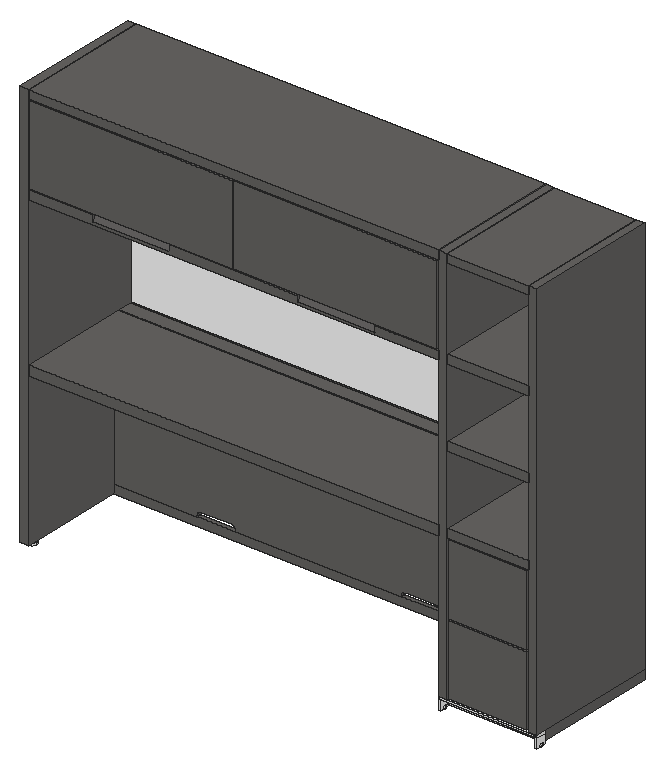
Revit family "Storage-Wall-Teknion-ZXRO_74_High_Without_Lights-R2011", category Furniture Systems, Revit 2013
Parameters (values of type "(See Type Catalog)")
  Working Wall Finish [instance] = Glass - Teknion - K6 - White Backpainted
  Width = 92.642"
  Warranty = "http://www.teknionstudio.com/pdfs/Teknion%20Studio%20Warranty.pdf"
  Wall Unit Finish [instance] = Veneer - Teknion - P7 - Grey Oak
  Unit Weight = 685.00 lbf
  URL = "www.teknionstudio.com"
  Storage Tower = Storage-Unit-Teknion-Tower : Upper Shelves & File/File Pedestal
  Series = "B&B Italia"
  Product Page URL = "http://www.teknionstudio.com/acexecutive/"
  Product Line = "AC Executive"
  Product Documentation Link = "http://www.teknionstudio.com/pricing/ac_executive_storage_walls_ppg.pdf"
  Part Number = "ZXRO"
  Model = ""
  Manufacturer Phone = "919-464-2920"
  Manufacturer Fax = "919-464-2927"
  Manufacturer Email = "customersupport@teknionstudio.com"
  Manufacturer Address = "3940 US 70 Business HWY West, Clayton, NC 27520"
  Manufacturer = "Teknion Studio"  # constant formula
  Low Emitting Material = yes
  Low Emitting Finish = yes
  Height = 73.81394"
  Description = ""
  Depth = 24"
  Assembly Code = "E2020200"
Reference planes (in)
  plane 1 "Center F/B": y = 0
  plane 2: z = 0
  plane 3 "Center L/R": x = 0
  plane 4 "Left": x = -46.321
  plane 5 "Right": x = 46.321
  plane 6 "Back": y = 12
  plane 7 "Front": y = -12
  plane 8 "Top": z = 73.81394
  plane 9: x = 28.60446
  plane 10: z = 29.68402
  plane 11: z = 56.1289
  plane 12: x = -44.7815
  plane 13: z = 2.1289
  plane 14: x = -8.08858
  plane 15 "Foot Centerline": y = -11.2126
  plane 16 "Foot Centerline Front": y = -10.22835
  plane 17 "Foot Centerline Back": y = 10.22835
  plane 18: y = -8.484
Forms (in)
  Sweep 1, solid, material "Veneer - Teknion - P7 - Grey Oak" <- "Wall Unit Finish"
    path origin (0, 0, 15.40683) x (-1, 0, 0) y (0, -1, 0)
      loop
        line (0, -12) -> (0, 12)
    profile origin (0, 0, 15.40683) x (1, 0, 0) y (0, 0, 1)
      loop
        line (-46.321, -14.81732) -> (-44.7815, -14.81732) -> (-44.7815, 58.4071) -> (-46.321, 58.4071) -> (-46.321, -14.81732)
  Sweep 2, solid, material "Veneer - Teknion - P7 - Grey Oak" <- "Wall Unit Finish"
    path origin (0, 0, 0) x (1, 0, 0) y (0, 0, 1)
      loop
        line (-44.7815, 29.68402) -> (28.60446, 29.68402)
    profile origin (-8.08852, 0, 29.68402) x (0, 0, 1) y (0, -1, 0)
      loop
        line (0, 12) -> (-1.7638, 12) -> (-1.7638, -7.11393) -> (-5.30827, -7.11393) -> (-5.30827, -7.08268) -> (-27.55512, -7.08268) -> (-27.55512, -7.11393) -> (-29.0945, -7.11393) -> (-29.0945, -7.80668) -> (-5.30828, -7.80668) -> (-5.30828, -12) -> (44.12992, -12) -> (44.12992, 12) -> (42.59022, 12) -> (42.59022, 11.2126) -> (27.98392, 11.2126) -> (27.98392, 12) -> (26.44488, 12) -> (26.44488, -10.94094) -> (0, -10.94094) -> (0, -10.90969) -> (-0.72441, -10.90969) -> (-0.72441, -10.56693) -> (0, -10.56693) -> (0, -8.05709) -> (-0.72441, -8.05709) -> (-0.72441, -7.80709) -> (0, -7.80709) -> (0, 12)
  Sweep 3, solid, material "Veneer - Teknion - P7 - Grey Oak" <- "Wall Unit Finish"
    path origin (0, 0, 15.40683) x (-1, 0, 0) y (0, -1, 0)
      loop
        line (0, 12) -> (0, 11.276)
    profile origin (0, -11.638, 15.40683) x (-1, 0, 0) y (0, 0, 1)
      loop
        line (44.5315, 42.5111) -> (44.5315, 56.6174) -> (8.21358, 56.6174) -> (8.21358, 42.5111) -> (44.5315, 42.5111)
      loop
        line (7.96358, 56.6174) -> (-28.35446, 56.6174) -> (-28.35446, 42.5111) -> (7.96358, 42.5111) -> (7.96358, 56.6174)
  Sweep 4, void
    path origin (0, 0, 0) x (1, 0, 0) y (0, 0, 1)
      loop
        line (-33.3248, 56.1289) -> (-19.54528, 56.1289)
    profile origin (-26.43504, 0, 56.1289) x (0, 0, 1) y (0, -1, 0)
      loop
        line (1.53937, 12) -> (0.43699, 12) -> (1.53937, 11.52755) -> (1.53937, 12)
  Sweep 5, void
    path origin (0, 0, 0) x (1, 0, 0) y (0, 0, 1)
      loop
        line (3.36811, 56.1289) -> (17.14764, 56.1289)
    profile origin (10.25787, 0, 56.1289) x (0, 0, 1) y (0, -1, 0)
      loop
        line (1.53937, 11.52755) -> (1.53937, 12) -> (0.43699, 12) -> (1.53937, 11.52755)
  Sweep 6, void
    path origin (0, 0, 15.40683) x (-1, 0, 0) y (0, -1, 0)
      loop
        line (0, -7.80668) -> (0, -7.08268)
    profile origin (0, 7.44468, 15.40683) x (1, 0, 0) y (0, 0, 1)
      loop
        line (13.68307, 8.96892) -> (6.79331, 8.96892) -> (6.79331, 8.10396)
        arc (6.79331, 8.10396) -> (7.02393, 7.54718) -> (7.58071, 7.31655) r 0.7874
        line (7.58071, 7.31655) -> (12.89567, 7.31655)
        arc (12.89567, 7.31655) -> (13.45245, 7.54718) -> (13.68307, 8.10396) r 0.7874
        line (13.68307, 8.10396) -> (13.68307, 8.96892)
      loop
        line (6.79331, -13.27793) -> (13.68307, -13.27793) -> (13.68307, -13.12045)
        arc (13.68307, -13.12045) -> (13.46398, -12.59152) -> (12.93504, -12.37242) r 0.74803
        line (12.93504, -12.37242) -> (7.54134, -12.37242)
        arc (7.54134, -12.37242) -> (7.0124, -12.59152) -> (6.79331, -13.12045) r 0.74803
        line (6.79331, -13.12045) -> (6.79331, -13.27793)
      loop
        line (-29.86024, 8.96892) -> (-29.86024, 8.10396)
        arc (-29.86024, 8.10396) -> (-29.62961, 7.54718) -> (-29.07283, 7.31655) r 0.7874
        line (-29.07283, 7.31655) -> (-23.75787, 7.31655)
        arc (-23.75787, 7.31655) -> (-23.2011, 7.54718) -> (-22.97047, 8.10396) r 0.7874
        line (-22.97047, 8.10396) -> (-22.97047, 8.96892) -> (-29.86024, 8.96892)
      loop
        line (-22.97047, -13.27793) -> (-22.97047, -13.12045)
        arc (-22.97047, -13.12045) -> (-23.18957, -12.59152) -> (-23.7185, -12.37242) r 0.74803
        line (-23.7185, -12.37242) -> (-29.1122, -12.37242)
        arc (-29.1122, -12.37242) -> (-29.64114, -12.59152) -> (-29.86024, -13.12045) r 0.74803
        line (-29.86024, -13.12045) -> (-29.86024, -13.27793) -> (-22.97047, -13.27793)
  Revolve 7, solid, material "Metal - Teknion - C6 - Chrome"
    sketch origin (0, -10.22835, 0) x (0, 0, 1) y (1, 0, 0)
      loop
        line (0, -45.55118) -> (0, -46.28917) -> (0.23622, -46.28917) -> (0.23622, -45.83352) -> (0.58951, -45.83352) -> (0.58951, -45.55118) -> (0, -45.55118)
      axis (0, -45.55118) -> (0.58951, -45.55118)
    angle from 0 to 360
  Revolve 8, solid, material "Metal - Teknion - C6 - Chrome"
    sketch origin (0, 10.22835, 0) x (0, 0, 1) y (1, 0, 0)
      loop
        line (0, -45.55118) -> (0, -46.28917) -> (0.23622, -46.28917) -> (0.23622, -45.83352) -> (0.58951, -45.83352) -> (0.58951, -45.55118) -> (0, -45.55118)
      axis (0, -45.55118) -> (0.58951, -45.55118)
    angle from 0 to 360
Cuts and joins
  Sweep 4, Sweep 5, Sweep 6 cuts Sweep 2
Lines and regions (in)
  Masking region 1
    outline origin (0, 0, 15.40683) x (-1, 0, 0) y (0, -1, 0)
      loop
        line (46.321, -12) -> (46.321, 12) -> (-28.60446, 12) -> (-28.60446, -12) -> (46.321, -12)
  symbolic lines, style "Elevation Swing"
    curve 1: line (-44.7815, -12, 57.66827) -> (-26.43504, -12, 72.02424)
    curve 2: line (-8.08858, -12, 57.66832) -> (-26.43504, -12, 72.02424)
    curve 3: line (-8.08858, 0, 57.66832) -> (10.25794, 0, 72.19583)
    curve 4: line (10.25794, 0, 72.19583) -> (28.60446, 0, 57.66827)
  symbolic lines, detail levels medium+fine
    curve 5: line (-44.7815, 12, 15.40683) -> (-44.7815, -12, 15.40683)
  symbolic lines, style "FurnitureSystemsHiddenLines", detail levels fine
    curve 6: line (28.60446, -11.276, 15.40683) -> (-44.7815, -11.276, 15.40683)
Dimensions and locks (in)
  equal spacing: plane 4 "Left", plane 3 "Center L/R", plane 5 "Right"
  "Width": plane 4 "Left" to plane 5 "Right"
  equal spacing: plane 6 "Back", plane 1 "Center F/B", plane 7 "Front"
  "Depth": plane 6 "Back" to plane 7 "Front"
  locked: plane 9 to plane 5 "Right" at 17.71654
  "Height": plane 8 "Top" to plane 2
  locked: plane 10 to plane 2 at 29.68402
  locked: plane 11 to plane 10 at 26.44488
  locked: plane 13 to plane 2 at 2.1289
  locked: plane 7 "Front" to plane 15 "Foot Centerline" at 0.7874
  locked: plane 13 to Sweep 2 sketch curve at 1.53939
  locked: plane 10 to Sweep 2 sketch curve at 1.7638
  locked: Sweep 1 sketch curve to plane 2 at 0.58951
  locked: plane 14 to plane 3 "Center L/R" at 8.08858
  locked: plane 7 "Front" to Sweep 3 sketch curve at 0.724
  plane 8 "Top" to Sweep 3 sketch curve to Sweep 3 sketch curve = 1.7897", 14.1063"  (x2)
  Sweep 3 sketch curve to plane 3 "Center L/R" to Sweep 3 sketch curve to Sweep 3 sketch curve to Sweep 3 sketch curve = 28.35446", 7.96358", 1/4", 36.31791"
  Sweep 4 sketch curve to Sweep 4 sketch curve to plane 4 "Left" = 13.77953" locked, 12.9962" locked
  locked: Sweep 4 sketch curve to plane 11 at 1.53937
  locked: Sweep 4 sketch curve to plane 11 at 0.43699
  locked: plane 7 "Front" to Sweep 4 sketch curve at 0.47245
  Sweep 5 sketch curve to Sweep 5 sketch curve to plane 11 = 1.10238" locked, 0.43699" locked
  locked: plane 7 "Front" to Sweep 5 sketch curve at 0.47245
  locked: Sweep 6 sketch curve to plane 13 at 0.90551  (x2)
  Sweep 6 sketch curve to Sweep 6 sketch curve to plane 3 "Center L/R" = 6.88976" locked, 6.79331" locked  (x2)
  plane 10 to Sweep 6 sketch curve to Sweep 6 sketch curve = 5.30827" locked, 1 167/256" locked  (x2)
  plane 6 "Back" to Sweep 6 sketch curve to Sweep 6 sketch curve = 4.19332" locked, 0.724" locked
  locked: Revolve 7 sketch curve to plane 4 "Left" at 0.76982
  Revolve 7 sketch curve to Revolve 7 sketch curve to plane 2 = 0.35329" locked, 0.23622" locked
  locked: Revolve 7 sketch curve to plane 4 "Left" at 0.03183
  locked: Revolve 8 sketch curve to plane 4 "Left" at 0.76982
  Revolve 8 sketch curve to Revolve 8 sketch curve to plane 2 = 0.35329" locked, 0.23622" locked
  locked: Revolve 8 sketch curve to plane 4 "Left" at 0.03183
  equal spacing: plane 14, curve 2, plane 12
  equal spacing: plane 9, curve 4, plane 14
  locked: plane 7 "Front" to curve 6 at 0.724
  locked: plane 6 "Back" to plane 17 "Foot Centerline Back" at 1.77165
  locked: plane 7 "Front" to plane 16 "Foot Centerline Front" at 1.77165
  locked: plane 4 "Left" to plane 12 at 1.5395
  locked: plane 7 "Front" to plane 18 at 3.516
  locked: Sweep 6 sketch curve to Sweep 6 sketch curve at 6.88976  (x2)
  locked: Sweep 6 sketch curve to plane 3 "Center L/R" at 22.97047
  locked: plane 3 "Center L/R" to Sweep 6 sketch curve at 22.97047
  aligned and locked: level to plane 2
  aligned and locked: nested 1 to plane 5 "Right"
  aligned and locked: plane 6 "Back" to Sweep 1 sketch curve
  aligned and locked: plane 7 "Front" to Sweep 1 sketch curve
  aligned and locked: Sweep 1 sketch curve to plane 3 "Center L/R"
  aligned and locked: Sweep 1 sketch curve to plane 8 "Top"
  aligned and locked: plane 4 "Left" to Sweep 1 sketch curve  (x2)
  aligned and locked: plane 12 to Sweep 2 sketch curve
  aligned and locked: plane 9 to Sweep 2 sketch curve
  aligned and locked: Sweep 2 sketch curve to plane 10  (x4)
  aligned and locked: Sweep 2 sketch curve to plane 7 "Front"
  aligned and locked: plane 6 "Back" to Sweep 2 sketch curve
  aligned and locked: plane 3 "Center L/R" to Sweep 3 sketch curve
  aligned and locked: plane 7 "Front" to Sweep 3 sketch curve
  aligned and locked: Sweep 2 sketch curve to plane 11
  aligned and locked: Sweep 4 sketch curve to plane 11
  aligned and locked: Sweep 5 sketch curve to plane 11
  aligned and locked: Sweep 5 sketch curve to plane 7 "Front"
  aligned and locked: Sweep 6 sketch curve to plane 3 "Center L/R"
  aligned and locked: Sweep 6 sketch curve to plane 13
  aligned and locked: plane 2 to Revolve 7 sketch curve
  aligned and locked: Revolve 8 sketch curve to plane 2
  aligned and locked: plane 12 to curve 1
  aligned and locked: plane 14 to curve 2
  aligned and locked: Sweep 3 to curve 2
  aligned and locked: plane 9 to curve 4
  aligned and locked: plane 14 to curve 3
  aligned and locked: Masking region 1 sketch curve to plane 6 "Back"
  aligned and locked: plane 4 "Left" to Masking region 1 sketch curve
  aligned and locked: Masking region 1 sketch curve to plane 7 "Front"
  aligned and locked: Masking region 1 sketch curve to nested 1
  aligned and locked: plane 6 "Back" to curve 5
  aligned and locked: plane 7 "Front" to curve 5
  aligned and locked: curve 5 to plane 12
  aligned and locked: plane 9 to curve 6
  aligned and locked: plane 7 "Front" to Sweep 4 sketch curve
  aligned and locked: Sweep 2 sketch curve to plane 8 "Top"
  aligned and locked: plane 15 "Foot Centerline" to Sweep 2 sketch curve
  aligned and locked: plane 7 "Front" to Sweep 2 sketch curve  (x2)
  aligned and locked: plane 2 to nested 1
  aligned and locked: plane 1 "Center F/B" to nested 1
  aligned and locked: plane 13 to Sweep 6 sketch curve
Automatic sketch dimensions
  Sweep 1 sketch curve to Sweep 1 sketch curve = 1.5395"
  plane 3 "Center L/R" to Sweep 5 sketch curve = 3.36811"
  Sweep 5 sketch curve to plane 9 = 11.45683"
  Revolve 7 sketch curve to level = 0"
  Revolve 7 sketch curve to Revolve 7 sketch curve = 0"  (x2)
  Revolve 7 sketch curve to Revolve 7 sketch curve = 0.28234"
  Revolve 8 sketch curve to level = 0"
  Revolve 8 sketch curve to Revolve 8 sketch curve = 0"  (x2)
  Revolve 8 sketch curve to Revolve 8 sketch curve = 0.28234"
  plane 11 to curve 2 = 1.53942"
  plane 11 to curve 1 = 1.53937"
  plane 11 to curve 4 = 1.53937"
  plane 11 to curve 3 = 1.53942"
  curve 3 to plane 8 "Top" = 1.61811"
  Sweep 2 sketch curve to Sweep 2 sketch curve = 1.53939"
  profile plane to Sweep 2 sketch curve = 5.30828"
  Sweep 2 sketch curve to Sweep 2 sketch curve = 0"
  Sweep 2 sketch curve to Sweep 2 sketch curve = 0.72441"  (x2)
  Sweep 2 sketch curve to Sweep 2 sketch curve = 1.5397"
  Sweep 2 sketch curve to Sweep 2 sketch curve = 1.05906"
  Sweep 2 sketch curve to Sweep 2 sketch curve = 1/32"  (x2)
  Sweep 2 sketch curve to Sweep 2 sketch curve = 0.34277"
  Sweep 2 sketch curve to Sweep 2 sketch curve = 2.50984"
  Sweep 2 sketch curve to Sweep 2 sketch curve = 1/4"
  Sweep 2 sketch curve to plane 1 "Center F/B" = 7.80668"
  Sweep 2 sketch curve to Sweep 2 sketch curve = 0.69316"
  Sweep 2 sketch curve to Sweep 2 sketch curve = 0.69275"
  Sweep 2 sketch curve to Sweep 2 sketch curve = 1.53904"
  Sweep 6 sketch curve to Sweep 6 sketch curve = 0.7874"  (x4)
  Sweep 6 sketch curve to Sweep 6 sketch curve = 0.74803"  (x3)
  Sweep 6 sketch curve to Sweep 6 sketch curve = 0.15748"
Nested families (in)
  nested 1: "Storage-Unit-Teknion-Tower" at (37.46273, 0, 0), type <- "Storage Tower", Height <- "Height", type "Upper Shelves & File/File Pedestal"
    with Height 73.81394", Has Top Shelf no, Bottom Drawer Height 13.047"
Definition of nested family "Storage-Unit-Teknion-Tower"
  Parameters (values of type "Upper Wardrobe & Lower Door")
    Width = 17.71654"
    Warranty = "http://www.teknionstudio.com/pdfs/Teknion%20Studio%20Warranty.pdf"
    Wall Unit Finish = Veneer - Teknion - P8 - Light Brushed Oak
    URL = "www.teknionstudio.com"
    Series = "B&B Italia"
    Product Line = "AC Executive"
    Model = ""
    Middle Drawer Height = if(Has Top Drawer, 6.425", 12.719")  # 12.719"
    Manufacturer Phone = "919-464-2920"
    Manufacturer Fax = "919-464-2927"
    Manufacturer Email = "customersupport@teknionstudio.com"
    Manufacturer Address = "3940 US 70 Business HWY West, Clayton, NC 27520"
    Manufacturer = "Teknion Studio"  # constant formula
    Height [instance] = 73.81394"
    Has Top Shelf [instance] = and(Height > 75", Has Shelves)  # no
    Has Top Drawer = no
    Has Top Door = yes
    Has Shelves = no
    Has Right Leg = yes
    Has Middle Drawer = no
    Has Lower Shelf = yes
    Has Left Leg = yes
    Has Full Wardrobe Door = no
    Has Doors = yes
    Door Projection Symbol = yes
    Description = "Tower Storage Unit"
    Depth = 24"
    Bottom Drawer Height [instance] = if(Has Middle Drawer, 13.047", if(Has Top Drawer, 13.047", if(Has Full Wardrobe Door, (Height - 3.668"), 26.016")))  # 26.016"
    Assembly Code = "E2010200"
  Types (7): name | Wall Unit Finish | Series | Product Line | Middle Drawer Height | Has Top Drawer | Has Top Door | Has Shelves | Has Middle Drawer | Has Lower Shelf | Has Full Wardrobe Door | Has Doors | Door Projection Symbol | Bottom Drawer Height
    Upper Shelves & Lower Door | none | "AC Executive" | "" | 12.719" | no | no | yes | no | yes | no | yes | yes | 26.016"
    Upper Shelves & File/File Pedestal | none | "AC Executive" | "" | 12.719" | no | no | yes | yes | yes | no | no | no | 13.047"
    Upper Shelves & Box/Box/File Pedestal | Veneer - Teknion - P8 - Light Brushed Oak | "AC Executive" | "" | 6.425" | yes | no | yes | yes | yes | yes | no | no | 13.047"
    Full Wardrobe | none | "AC Executive" | "" | 12.719" | no | no | no | no | no | yes | yes | yes | 70.14594"
    Upper Wardrobe & Lower Door | Veneer - Teknion - P8 - Light Brushed Oak | "B&B Italia" | "AC Executive" | 12.719" | no | yes | no | no | yes | no | yes | yes | 26.016"
    Upper Wardrobe & File/File Pedestal | none | "AC Executive" | "" | 12.719" | no | yes | no | yes | yes | no | no | yes | 13.047"
    Upper Wardrobe & Box/Box/File Pedestal | none | "AC Executive" | "" | 6.425" | yes | yes | no | yes | yes | no | no | yes | 13.047"
  Reference planes (in)
    plane 1 "Center F/B": y = 0
    plane 2: z = 0
    plane 3 "Center L/R": x = 0
    plane 4 "Left": x = -8.85827
    plane 5 "Right": x = 8.85827
    plane 6 "Back": y = 12
    plane 7 "Front": y = -12
    plane 8 "Top": z = 73.81394
    plane 9: x = -7.3189
    plane 10: x = 7.3189
    plane 11: z = 2.1289
    plane 12 "Foot Centerline": y = -11.2126
    plane 13: z = 29.68402
    plane 14 "Drawer 1 Top": z = 28.1449
    plane 15 "Drawer 2 Top": z = 40.8639
    plane 16 "Drawer 3 Top": z = 27.89502
    plane 17: z = 42.13677
  Forms (in)
    Sweep 1, solid, material "Metal - Teknion - C6 - Chrome", visible <- "Has Left Leg"
      path origin (0, -12, 0) x (1, 0, 0) y (0, 0, 1)
        loop
          line (-8.85827, 1.7349) -> (-8.85827, 0.05803)
      profile origin (-8.85827, -12, 0.89646) x (0, -1, 0) y (1, 0, 0)
        loop
          line (-1.5748, 0) -> (0, 0) -> (0, 0.394) -> (-1.5748, 0.394) -> (-1.5748, 0)
    Sweep 2, solid, material "Metal - Teknion - C6 - Chrome"
      path origin (0, -12, 0) x (1, 0, 0) y (0, 0, 1)
        loop
          line (-8.46427, 2.1289) -> (8.46427, 2.1289)
      profile origin (0, -12, 2.1289) x (0, 0, 1) y (0, -1, 0)
        loop
          line (-0.394, -1.5748) -> (-0.394, -1.3778) -> (-1.575, -1.3778) -> (-1.575, -1.5748) -> (-0.394, -1.5748)
    Revolve 3, solid, material "Metal - Teknion - C6 - Chrome"
      sketch origin (0, -11.2126, 0) x (0, 0, -1) y (1, 0, 0)
        loop
          line (-0.4911, 8.32677) -> (-0.45173, 8.2874) -> (-0.28492, 8.2874) -> (-0.24555, 8.32677) -> (-0.20618, 8.2874) -> (-0.03937, 8.2874) -> (0, 8.32677) -> (0, 8.66142) -> (-0.4911, 8.66142) -> (-0.4911, 8.32677)
        axis (0, 8.66142) -> (-0.4911, 8.66142)
      angle from 0 to 360
    Revolve 4, solid, material "Metal - Teknion - C6 - Chrome", visible <- "Has Left Leg"
      sketch origin (0, -11.2126, 0) x (0, 0, -1) y (1, 0, 0)
        loop
          line (0, -8.99606) -> (0, -8.66142) -> (-0.4911, -8.66142) -> (-0.4911, -8.99606) -> (-0.45173, -9.03543) -> (-0.28492, -9.03543) -> (-0.24555, -8.99606) -> (-0.20618, -9.03543) -> (-0.03937, -9.03543) -> (0, -8.99606)
        axis (0, -8.66142) -> (-0.4911, -8.66142)
      angle from 0 to 360
    Sweep 5, solid, material "Veneer - Teknion - P8 - Light Brushed Oak" <- "Wall Unit Finish"
      path origin (0, 0, 0) x (1, 0, 0) y (0, 0, 1)
        loop
          line (0, 2.1289) -> (0, 73.81394)
      profile origin (0, 0, 37.97142) x (-1, 0, 0) y (0, -1, 0)
        loop
          line (8.85827, -12) -> (8.85827, 12) -> (7.3189, 12) -> (7.3189, -12) -> (8.85827, -12)
        loop
          line (-7.3189, 12) -> (-8.85827, 12) -> (-8.85827, -12) -> (-7.3189, -12) -> (-7.3189, 12)
    Sweep 6, solid, material "Veneer - Teknion - P8 - Light Brushed Oak" <- "Wall Unit Finish"
      path origin (0, 0, 15.40683) x (-1, 0, 0) y (0, -1, 0)
        loop
          line (0, -12) -> (0, 12)
      profile origin (0, 0, 15.40683) x (1, 0, 0) y (0, 0, 1)
        loop
          line (-7.3189, 58.4071) -> (-7.3189, 56.86773) -> (7.3189, 56.86773) -> (7.3189, 58.4071) -> (-7.3189, 58.4071)
    Sweep 7, solid, material "Veneer - Teknion - P8 - Light Brushed Oak" <- "Wall Unit Finish"
      path origin (0, -12, 0) x (1, 0, 0) y (0, 0, 1)
        loop
          line (0, 2.1289) -> (0, 72.27457)
      profile origin (0, -12, 37.20173) x (-1, 0, 0) y (0, -1, 0)
        loop
          line (7.3189, -24) -> (7.3189, -23.25) -> (-7.3189, -23.25) -> (-7.3189, -24) -> (7.3189, -24)
    Sweep 8, solid, material "Veneer - Teknion - P8 - Light Brushed Oak" <- "Wall Unit Finish", visible <- "Has Lower Shelf"
      path origin (0, -12, 0) x (1, 0, 0) y (0, 0, 1)
        loop
          line (-7.3189, 29.68402) -> (7.3189, 29.68402)
      profile origin (0, -12, 29.68402) x (0, 0, 1) y (0, -1, 0)
        loop
          line (0, 0) -> (-1.539, 0) -> (-1.539, -0.724) -> (-27.55512, -0.724) -> (-27.55512, -23.25) -> (0, -23.25) -> (0, 0)
    Sweep 9, solid, material "Veneer - Teknion - P8 - Light Brushed Oak" <- "Wall Unit Finish"
      path origin (0, -12, 0) x (1, 0, 0) y (0, 0, 1)
        loop
          line (0, 2.3789) -> (0, 27.8949)
      profile origin (0, -12, 15.1369) x (-1, 0, 0) y (0, -1, 0)
        loop
          line (7.0689, -0.724) -> (7.0689, 0) -> (-7.0689, 0) -> (-7.0689, -0.724) -> (7.0689, -0.724)
    Sweep 10, solid, material "Veneer - Teknion - P8 - Light Brushed Oak" <- "Wall Unit Finish", visible <- "Has Middle Drawer"
      path origin (0, -12, 0) x (1, 0, 0) y (0, 0, 1)
        loop
          line (0, 28.1449) -> (0, 40.8639)
      profile origin (0, -12, 34.5044) x (-1, 0, 0) y (0, -1, 0)
        loop
          line (7.0689, -0.724) -> (7.0689, 0) -> (-7.0689, 0) -> (-7.0689, -0.724) -> (7.0689, -0.724)
    Sweep 11, solid, material "Veneer - Teknion - P8 - Light Brushed Oak" <- "Wall Unit Finish", visible <- "Has Top Drawer"
      path origin (0, -12, 0) x (1, 0, 0) y (0, 0, 1)
        loop
          line (0, 47.15802) -> (0, 41.1139)
      profile origin (0, -12, 44.13596) x (0, -1, 0) y (1, 0, 0)
        loop
          line (0, 7.0689) -> (-0.724, 7.0689) -> (-0.724, -7.0689) -> (0, -7.0689) -> (0, 7.0689)
    Sweep 12, solid, material "Veneer - Teknion - P8 - Light Brushed Oak" <- "Wall Unit Finish", visible <- "Has Shelves"
      path origin (0, -12, 0) x (1, 0, 0) y (0, 0, 1)
        loop
          line (0, 42.13677) -> (0, 43.67614)
      profile origin (0, -12, 42.90646) x (-1, 0, 0) y (0, -1, 0)
        loop
          line (7.3189, -23.25) -> (7.3189, 0) -> (-7.3189, 0) -> (-7.3189, -23.25) -> (7.3189, -23.25)
    Sweep 13, solid, material "Veneer - Teknion - P8 - Light Brushed Oak" <- "Wall Unit Finish", visible <- "Has Shelves"
      path origin (0, -12, 13.9918) x (1, 0, 0) y (0, 0, 1)
        loop
          line (0, 42.13677) -> (0, 43.67614)
      profile origin (0, -12, 56.89825) x (-1, 0, 0) y (0, -1, 0)
        loop
          line (7.3189, -23.25) -> (7.3189, 0) -> (-7.3189, 0) -> (-7.3189, -23.25) -> (7.3189, -23.25)
    Sweep 14, solid, material "Veneer - Teknion - P8 - Light Brushed Oak" <- "Wall Unit Finish", visible <- "Has Top Door"
      path origin (0, -12, 0) x (1, 0, 0) y (0, 0, 1)
        loop
          line (0, 29.93402) -> (0, 72.02457)
      profile origin (0, -12, 50.97929) x (-1, 0, 0) y (0, -1, 0)
        loop
          line (7.0689, -0.724) -> (7.0689, 0) -> (-7.0689, 0) -> (-7.0689, -0.724) -> (7.0689, -0.724)
    Sweep 15, solid, material "Veneer - Teknion - P8 - Light Brushed Oak" <- "Wall Unit Finish"
      path origin (0, -12, 0) x (1, 0, 0) y (0, 0, 1)
        loop
          line (-8.85827, 2.1289) -> (8.85827, 2.1289)
      profile origin (0, -12, 2.1289) x (0, 0, 1) y (0, -1, 0)
        loop
          line (0, -1.5748) -> (-1.53937, -1.5748) -> (-1.53937, -24) -> (0, -24) -> (0, -1.5748)
    Sweep 16, solid, material "Veneer - Teknion - P8 - Light Brushed Oak" <- "Wall Unit Finish", visible <- "Has Top Shelf"
      path origin (0, 0, 0) x (1, 0, 0) y (0, 0, 1)
        loop
          line (0, 73.81394) -> (0, 72.27457)
      profile origin (0, 0, 73.04425) x (0, -1, 0) y (1, 0, 0)
        loop
          line (-11.25, -7.3189) -> (12, -7.3189) -> (12, 7.3189) -> (-11.25, 7.3189) -> (-11.25, -7.3189)
    Sweep 17, solid, material "Metal - Teknion - C6 - Chrome"
      path origin (0, 0, 0) x (1, 0, 0) y (0, 0, 1)
        loop
          line (-8.85827, 2.1289) -> (8.85827, 2.1289)
      profile origin (0, 0, 2.1289) x (0, 0, 1) y (0, -1, 0)
        loop
          line (0, 10.4252) -> (0, 12) -> (-0.394, 12) -> (-0.394, 10.4252) -> (0, 10.4252)
    Sweep 18, solid, material "Metal - Teknion - C6 - Chrome"
      path origin (0, 0, 0) x (1, 0, 0) y (0, 0, 1)
        loop
          line (8.85827, 1.7349) -> (8.85827, 0.05803)
      profile origin (8.85827, 0, 0.89646) x (0, -1, 0) y (1, 0, 0)
        loop
          line (10.4252, -0.394) -> (12, -0.394) -> (12, 0) -> (10.4252, 0) -> (10.4252, -0.394)
  Lines and regions (in)
    Masking region 1
      outline origin (0, 0, 15.40683) x (-1, 0, 0) y (0, -1, 0)
        loop
          line (8.85827, -12) -> (8.85827, 12) -> (-8.85827, 12) -> (-8.85827, -12) -> (8.85827, -12)
    symbolic lines, style "FurnitureSystems", detail levels medium+fine
      curve 1: line (-7.3189, 12, 15.40683) -> (-7.3189, -12, 15.40683)
      curve 2: line (7.3189, 12, 15.40683) -> (7.3189, -12, 15.40683)
    symbolic lines, style "FurnitureSystemsHiddenLines", detail levels fine
      curve 3: line (-7.3189, -11.276, 15.40683) -> (7.3189, -11.276, 15.40683)
    symbolic lines, style "Elevation Swing", visible <- "Has Doors"
      curve 4: line (-7.3189, -12, 2.1289) -> (7.3189, -12, 15.1369)
      curve 5: line (7.3189, -12, 15.1369) -> (-7.3189, -12, 28.1449)
    symbolic lines, style "Elevation Swing", visible <- "Has Top Door"
      curve 6: line (-7.3189, -12, 29.68402) -> (7.3189, -12, 50.97929)
      curve 7: line (7.3189, -12, 50.97929) -> (-7.3189, -12, 72.27457)
    symbolic lines, style "FurnitureSystems", visible <- "Door Projection Symbol"
      curve 8: arc (-7.3189, -12, 0) -> (-3.03159, -22.35048, 0) -> (7.3189, -26.6378, 0) r 14.6378
    symbolic lines, visible <- "Door Projection Symbol"
      curve 9: line (7.3189, -12, 15.40683) -> (7.3189, -26.6378, 15.40683)
  Dimensions and locks (in)
    equal spacing: plane 4 "Left", plane 3 "Center L/R", plane 5 "Right"
    "Width": plane 4 "Left" to plane 5 "Right"
    equal spacing: plane 6 "Back", plane 1 "Center F/B", plane 7 "Front"
    "Depth": plane 6 "Back" to plane 7 "Front"
    locked: plane 4 "Left" to plane 9 at 1.53937
    locked: plane 10 to plane 5 "Right" at 1.53937
    "Height": plane 8 "Top" to level
    locked: Sweep 1 sketch curve to level at 0.05803
    locked: plane 11 to plane 2 at 2.1289
    plane 11 to Sweep 2 sketch curve to Sweep 2 sketch curve = 0.394" locked, 1.181" locked
    plane 7 "Front" to Sweep 2 sketch curve to Sweep 2 sketch curve = 1.3778" locked, 0.197" locked
    locked: Revolve 3 sketch curve to plane 2 at 0.4911  (x2)
    locked: plane 5 "Right" to Revolve 3 sketch curve at 0.57087
    locked: plane 7 "Front" to plane 12 "Foot Centerline" at 0.7874
    Revolve 3 sketch curve to Revolve 3 sketch curve to Revolve 3 sketch curve to Revolve 3 sketch curve to plane 2 = 0.16681" locked, 0.07874" locked, 0.16681" locked, 0.03937" locked
    locked: Revolve 4 sketch curve to plane 2 at 0.4911  (x2)
    locked: Revolve 4 sketch curve to Revolve 4 sketch curve at 0.37402
    Revolve 4 sketch curve to Revolve 4 sketch curve to Revolve 4 sketch curve to Revolve 4 sketch curve to plane 2 = 0.16681" locked, 0.07874" locked, 0.16681" locked, 0.03937" locked
    locked: Revolve 4 sketch curve to plane 4 "Left" at 0.19685
    locked: plane 8 "Top" to Sweep 6 sketch curve at 1.53937
    locked: plane 8 "Top" to Sweep 7 sketch curve at 1.53937
    locked: plane 6 "Back" to Sweep 7 sketch curve at 0.75
    locked: plane 13 to plane 2 at 29.68402
    locked: plane 7 "Front" to Sweep 8 sketch curve at 0.724
    locked: plane 13 to Sweep 8 sketch curve at 1.539
    locked: plane 13 to plane 16 "Drawer 3 Top" at 1.789
    "Bottom Drawer Height": plane 14 "Drawer 1 Top" to plane 11
    "Middle Drawer Height": plane 15 "Drawer 2 Top" to plane 14 "Drawer 1 Top"
    locked: plane 14 "Drawer 1 Top" to Sweep 9 sketch curve at 0.25
    locked: plane 7 "Front" to Sweep 9 sketch curve at 0.724
    locked: Sweep 10 sketch curve to plane 12 "Foot Centerline" at 0.0634
    locked: plane 7 "Front" to Sweep 11 sketch curve at 0.724
    locked: plane 17 to plane 13 at 12.45276
    group 1 to group 2 = 0"  (x2)
    group 1 to group 2 = 13.9918"
    locked: Sweep 13 to plane 17 at 13.9918
    locked: plane 8 "Top" to Sweep 14 sketch curve at 1.78937
    locked: Sweep 14 sketch curve to plane 13 at 0.25
    locked: plane 7 "Front" to Sweep 14 sketch curve at 0.724
    locked: plane 11 to Sweep 15 sketch curve at 1.53937
    locked: plane 7 "Front" to Sweep 15 sketch curve at 1.5748
    equal spacing: Sweep 6, curve 7, plane 13
    equal spacing: plane 14 "Drawer 1 Top", curve 5, plane 11
    locked: plane 6 "Back" to Sweep 16 sketch curve at 0.75
    Sweep 16 sketch curve to Sweep 16 sketch curve to plane 2 = 1.53937" locked, 72.27457" locked
    locked: Sweep 9 sketch curve to plane 11 at 0.25
    locked: plane 9 to Sweep 9 sketch curve at 0.25
    locked: Sweep 9 sketch curve to plane 10 at 0.25
    locked: Sweep 11 sketch curve to plane 15 "Drawer 2 Top" at 0.25
    locked: plane 9 to Sweep 11 sketch curve at 0.25
    locked: Sweep 11 sketch curve to plane 10 at 0.25
    locked: Sweep 10 sketch curve to plane 10 at 0.25
    locked: plane 9 to Sweep 10 sketch curve at 0.25
    locked: Sweep 11 sketch curve to Sweep 11 sketch curve at 6.04412
    locked: Sweep 14 sketch curve to plane 10 at 0.25
    locked: plane 9 to Sweep 14 sketch curve at 0.25
    locked: plane 4 "Left" to Sweep 1 sketch curve at 0.394
    locked: plane 7 "Front" to Sweep 1 sketch curve at 1.5748
    locked: plane 11 to Sweep 1 sketch curve at 0.394
    locked: Sweep 17 sketch curve to plane 7 "Front" at 1.5748
    locked: plane 11 to Sweep 17 sketch curve at 0.394
    locked: Sweep 18 sketch curve to plane 2 at 0.05803
    locked: Sweep 18 sketch curve to plane 5 "Right" at 0.394
    locked: plane 7 "Front" to Sweep 18 sketch curve at 1.5748
    locked: plane 11 to Sweep 18 sketch curve at 0.394
    locked: plane 5 "Right" to Sweep 2 sketch curve at 0.394
    locked: Sweep 2 sketch curve to plane 4 "Left" at 0.394
    aligned and locked: level to plane 2
    aligned and locked: Sweep 1 sketch curve to plane 4 "Left"
    aligned and locked: Sweep 2 sketch curve to plane 11
    aligned and locked: plane 2 to Revolve 3 sketch curve
    aligned and locked: Revolve 3 sketch curve to plane 2
    aligned and locked: plane 2 to Revolve 4 sketch curve
    aligned and locked: Revolve 4 sketch curve to plane 2
    aligned and locked: plane 8 "Top" to Sweep 5 sketch curve
    aligned and locked: plane 11 to Sweep 5 sketch curve
    aligned and locked: plane 3 "Center L/R" to Sweep 5 sketch curve
    aligned and locked: Sweep 5 sketch curve to plane 6 "Back"
    aligned and locked: plane 6 "Back" to Sweep 5 sketch curve
    aligned and locked: Sweep 5 sketch curve to plane 10
    aligned and locked: plane 5 "Right" to Sweep 5 sketch curve
    aligned and locked: Sweep 5 sketch curve to plane 9
    aligned and locked: plane 4 "Left" to Sweep 5 sketch curve
    aligned and locked: Sweep 5 sketch curve to plane 7 "Front"
    aligned and locked: plane 7 "Front" to Sweep 5 sketch curve
    aligned and locked: plane 6 "Back" to Sweep 6 sketch curve
    aligned and locked: plane 7 "Front" to Sweep 6 sketch curve
    aligned and locked: Sweep 6 sketch curve to plane 3 "Center L/R"
    aligned and locked: plane 9 to Sweep 6 sketch curve
    aligned and locked: Sweep 6 sketch curve to plane 8 "Top"
    aligned and locked: Sweep 6 sketch curve to plane 10
    aligned and locked: plane 11 to Sweep 7 sketch curve
    aligned and locked: plane 3 "Center L/R" to Sweep 7 sketch curve
    aligned and locked: plane 9 to Sweep 7 sketch curve
    aligned and locked: Sweep 7 sketch curve to plane 10
    aligned and locked: Sweep 7 sketch curve to plane 6 "Back"
    aligned and locked: plane 9 to Sweep 8 sketch curve
    aligned and locked: plane 10 to Sweep 8 sketch curve
    aligned and locked: Sweep 8 sketch curve to plane 13  (x2)
    aligned and locked: plane 7 "Front" to Sweep 8 sketch curve
    aligned and locked: Sweep 8 sketch curve to plane 11
    aligned and locked: plane 3 "Center L/R" to Sweep 9 sketch curve
    aligned and locked: Sweep 9 sketch curve to plane 7 "Front"
    aligned and locked: plane 15 "Drawer 2 Top" to Sweep 10 sketch curve
    aligned and locked: plane 14 "Drawer 1 Top" to Sweep 10 sketch curve
    aligned and locked: plane 3 "Center L/R" to Sweep 10 sketch curve
    aligned and locked: plane 7 "Front" to Sweep 10 sketch curve
    aligned and locked: Sweep 11 sketch curve to plane 3 "Center L/R"
    aligned and locked: Sweep 11 sketch curve to plane 7 "Front"
    aligned and locked: Sweep 13 to plane 9
    aligned and locked: plane 3 "Center L/R" to Sweep 14 sketch curve
    aligned and locked: Sweep 14 sketch curve to plane 7 "Front"
    aligned and locked: plane 4 "Left" to Sweep 15 sketch curve
    aligned and locked: plane 5 "Right" to Sweep 15 sketch curve
    aligned and locked: Sweep 15 sketch curve to plane 11  (x2)
    aligned and locked: Sweep 15 sketch curve to plane 6 "Back"
    aligned and locked: plane 4 "Left" to Masking region 1 sketch curve
    aligned and locked: Masking region 1 sketch curve to plane 6 "Back"
    aligned and locked: Masking region 1 sketch curve to plane 5 "Right"
    aligned and locked: Masking region 1 sketch curve to plane 7 "Front"
    aligned and locked: plane 6 "Back" to curve 1
    aligned and locked: curve 1 to plane 9
    aligned and locked: plane 7 "Front" to curve 2
    aligned and locked: plane 6 "Back" to curve 2
    aligned and locked: curve 2 to plane 10
    aligned and locked: plane 9 to curve 3
    aligned and locked: plane 10 to curve 3
    aligned and locked: curve 3 to Sweep 14
    aligned and locked: plane 11 to curve 4
    aligned and locked: plane 9 to curve 4
    aligned and locked: plane 10 to curve 5
    aligned and locked: plane 9 to curve 5
    aligned and locked: plane 14 "Drawer 1 Top" to curve 5
    aligned and locked: plane 13 to curve 6
    aligned and locked: plane 9 to curve 6
    aligned and locked: plane 9 to curve 7
    aligned and locked: curve 7 to Sweep 6
    aligned and locked: plane 7 "Front" to curve 8
    aligned and locked: curve 8 to plane 10
    aligned and locked: Sweep 16 sketch curve to plane 3 "Center L/R"
    aligned and locked: plane 9 to Sweep 16 sketch curve
    aligned and locked: Sweep 16 sketch curve to plane 10
    aligned and locked: Sweep 16 sketch curve to plane 7 "Front"
    aligned and locked: plane 4 "Left" to Sweep 17 sketch curve
    aligned and locked: plane 5 "Right" to Sweep 17 sketch curve
    aligned and locked: Sweep 17 sketch curve to plane 11  (x2)
    aligned and locked: Sweep 17 sketch curve to plane 7 "Front"
    aligned and locked: Sweep 18 sketch curve to plane 5 "Right"  (x2)
    aligned and locked: Sweep 18 sketch curve to plane 7 "Front"
  Automatic sketch dimensions
    Revolve 3 sketch curve to Revolve 3 sketch curve = 0.03937"  (x3)
    Revolve 3 sketch curve to Revolve 3 sketch curve = 0"  (x2)
    Revolve 3 sketch curve to plane 5 "Right" = 0.19685"
    Revolve 4 sketch curve to Revolve 4 sketch curve = 0.03937"  (x3)
    Revolve 4 sketch curve to Revolve 4 sketch curve = 0"  (x2)
    Sweep 12 sketch curve to Sweep 12 sketch curve = 1.53937"
    profile plane to Sweep 12 sketch curve = 0"
    profile plane to Sweep 12 sketch curve = 7.3189"
    Sweep 12 sketch curve to profile plane = 7.3189"
    Sweep 12 sketch curve to profile plane = 23 1/4"
    Sweep 13 sketch curve to Sweep 13 sketch curve = 1.53937"
    profile plane to Sweep 13 sketch curve = 0"
    profile plane to Sweep 13 sketch curve = 7.3189"
    Sweep 13 sketch curve to profile plane = 7.3189"
    Sweep 13 sketch curve to profile plane = 23 1/4"
    Sweep 8 sketch curve to Sweep 8 sketch curve = 22.526"
    curve 7 to plane 10 = 0"
    curve 8 to plane 9 = 0"
    plane 7 "Front" to curve 1 = 0"
    plane 7 "Front" to curve 9 = 14.6378"
    Sweep 1 sketch curve to profile plane = 0"
    plane 7 "Front" to Sweep 1 sketch curve = 0"
